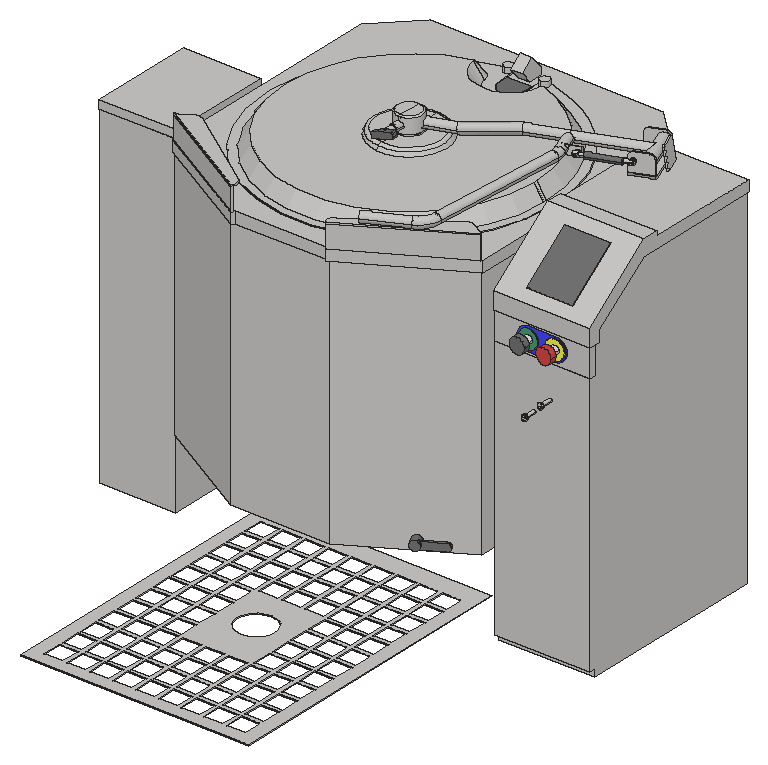
Revit family "QF_DIETATEC_C-CLASSIC_150_180516032930", category Specialty Equipment, Revit 2015 (continued)
Definition of nested family "QF_Dietatec_C-CLASSIC_150_FL"
  Lines and regions (mm)
    symbolic lines
      curve 247: line (328.963, -969.201, 0) -> (278.963, -969.201, 0)
      curve 248: line (328.963, -1019.201, 0) -> (328.963, -969.201, 0)
      curve 249: line (518.963, -1019.201, 0) -> (568.963, -1019.201, 0)
      curve 250: line (518.963, -969.201, 0) -> (518.963, -1019.201, 0)
      curve 251: line (568.963, -969.201, 0) -> (518.963, -969.201, 0)
      curve 252: line (568.963, -1019.201, 0) -> (568.963, -969.201, 0)
      curve 253: line (578.963, -1019.201, 0) -> (628.963, -1019.201, 0)
      curve 254: line (578.963, -969.201, 0) -> (578.963, -1019.201, 0)
      curve 255: line (628.963, -969.201, 0) -> (578.963, -969.201, 0)
      curve 256: line (628.963, -1019.201, 0) -> (628.963, -969.201, 0)
      curve 257: line (638.963, -1019.201, 0) -> (688.963, -1019.201, 0)
      curve 258: line (638.963, -969.201, 0) -> (638.963, -1019.201, 0)
      curve 259: line (688.963, -969.201, 0) -> (638.963, -969.201, 0)
      curve 260: line (688.963, -1019.201, 0) -> (688.963, -969.201, 0)
      curve 261: line (158.963, -959.201, 0) -> (208.963, -959.201, 0)
      curve 262: line (158.963, -909.201, 0) -> (158.963, -959.201, 0)
      curve 263: line (208.963, -909.201, 0) -> (158.963, -909.201, 0)
      curve 264: line (208.963, -959.201, 0) -> (208.963, -909.201, 0)
      curve 265: line (218.963, -959.201, 0) -> (268.963, -959.201, 0)
      curve 266: line (218.963, -909.201, 0) -> (218.963, -959.201, 0)
      curve 267: line (268.963, -909.201, 0) -> (218.963, -909.201, 0)
      curve 268: line (268.963, -959.201, 0) -> (268.963, -909.201, 0)
      curve 269: line (278.963, -959.201, 0) -> (328.963, -959.201, 0)
      curve 270: line (278.963, -909.201, 0) -> (278.963, -959.201, 0)
      curve 271: line (328.963, -909.201, 0) -> (278.963, -909.201, 0)
      curve 272: line (328.963, -959.201, 0) -> (328.963, -909.201, 0)
      curve 273: line (518.963, -959.201, 0) -> (568.963, -959.201, 0)
      curve 274: line (518.963, -909.201, 0) -> (518.963, -959.201, 0)
      curve 275: line (568.963, -909.201, 0) -> (518.963, -909.201, 0)
      curve 276: line (568.963, -959.201, 0) -> (568.963, -909.201, 0)
      curve 277: line (578.963, -959.201, 0) -> (628.963, -959.201, 0)
      curve 278: line (578.963, -909.201, 0) -> (578.963, -959.201, 0)
      curve 279: line (628.963, -909.201, 0) -> (578.963, -909.201, 0)
      curve 280: line (628.963, -959.201, 0) -> (628.963, -909.201, 0)
      curve 281: line (638.963, -959.201, 0) -> (688.963, -959.201, 0)
      curve 282: line (638.963, -909.201, 0) -> (638.963, -959.201, 0)
      curve 283: line (688.963, -909.201, 0) -> (638.963, -909.201, 0)
      curve 284: line (688.963, -959.201, 0) -> (688.963, -909.201, 0)
      curve 285: line (158.963, -899.201, 0) -> (208.963, -899.201, 0)
      curve 286: line (158.963, -849.201, 0) -> (158.963, -899.201, 0)
      curve 287: line (208.963, -849.201, 0) -> (158.963, -849.201, 0)
      curve 288: line (208.963, -899.201, 0) -> (208.963, -849.201, 0)
      curve 289: line (218.963, -899.201, 0) -> (268.963, -899.201, 0)
      curve 290: line (218.963, -849.201, 0) -> (218.963, -899.201, 0)
      curve 291: line (242.625, -849.201, 0) -> (218.963, -849.201, 0)
      curve 292: line (268.963, -899.201, 0) -> (268.963, -864.407, 0)
      curve 293: line (278.963, -899.201, 0) -> (328.963, -899.201, 0)
      curve 294: line (278.963, -870.18, 0) -> (278.963, -899.201, 0)
      curve 295: line (328.963, -899.201, 0) -> (328.963, -874.954, 0)
      curve 296: line (518.963, -899.201, 0) -> (568.963, -899.201, 0)
      curve 297: line (518.963, -874.954, 0) -> (518.963, -899.201, 0)
      curve 298: line (568.963, -899.201, 0) -> (568.963, -870.18, 0)
      curve 299: line (578.963, -899.201, 0) -> (628.963, -899.201, 0)
      curve 300: line (578.963, -864.407, 0) -> (578.963, -899.201, 0)
      curve 301: line (628.963, -899.201, 0) -> (628.963, -867.899, 0)
      curve 302: line (638.963, -899.201, 0) -> (688.963, -899.201, 0)
      curve 303: line (638.963, -863.022, 0) -> (638.963, -899.201, 0)
      curve 304: line (688.963, -849.201, 0) -> (667.3, -849.201, 0)
      curve 305: line (688.963, -899.201, 0) -> (688.963, -849.201, 0)
      curve 306: arc (735.97, -766.993, 0) -> (729.638, -785.381, 0) -> (714.961, -798.14, 0) r 37.57
      curve 307: arc (726.303, -820.423, 0) -> (750.495, -799.394, 0) -> (760.931, -769.086, 0) r 61.924
      curve 308: arc (785.792, -413.556, 0) -> (785.254, -399.87, 0) -> (781.767, -386.625, 0) r 62.903
      curve 309: arc (758.563, -395.937, 0) -> (760.542, -403.456, 0) -> (760.848, -411.226, 0) r 35.711
      curve 310: line (806.484, -360.326, 0) -> (776.143, -371.973, 0)
      curve 311: line (777.218, -374.774, 0) -> (807.559, -363.127, 0)
      curve 312: line (807.559, -363.127, 0) -> (806.484, -360.326, 0)
      curve 313: line (792.347, -354.774, 0) -> (796.081, -353.34, 0)
      curve 314: line (804.654, -367.303, 0) -> (795.318, -370.886, 0)
      curve 315: line (803.116, -384.643, 0) -> (808.064, -382.743, 0)
      curve 316: line (817.683, -362.877, 0) -> (823.059, -376.88, 0)
      curve 317: line (894.237, -333.491, 0) -> (899.612, -347.494, 0)
      curve 318: line (792.347, -354.774, 0) -> (791.771, -356.066, 0)
      curve 319: line (791.771, -356.066, 0) -> (795.086, -364.701, 0)
      curve 320: line (795.318, -370.886, 0) -> (794.294, -368.219, 0)
      curve 321: line (796.081, -353.34, 0) -> (797.373, -353.916, 0)
      curve 322: line (797.373, -353.916, 0) -> (800.688, -362.551, 0)
      curve 323: line (804.654, -367.303, 0) -> (803.63, -364.635, 0)
      curve 324: line (803.116, -384.643, 0) -> (802.005, -381.749, 0)
      curve 325: line (798.739, -373.362, 0) -> (797.182, -370.171, 0)
      curve 326: line (808.064, -382.743, 0) -> (806.953, -379.849, 0)
      curve 327: line (803.769, -371.431, 0) -> (802.79, -368.018, 0)
      curve 328: line (795.079, -374.767, 0) -> (818.758, -365.677, 0)
      curve 329: line (798.304, -383.169, 0) -> (821.984, -374.08, 0)
      curve 330: arc (795.079, -374.767, 0) -> (795.405, -379.462, 0) -> (798.304, -383.169, 0) r 8.039
      curve 331: line (817.683, -362.877, 0) -> (894.237, -333.491, 0)
      curve 332: line (823.059, -376.88, 0) -> (899.612, -347.494, 0)
      curve 333: line (918.988, -327.203, 0) -> (895.312, -336.291, 0)
      curve 334: line (922.213, -335.605, 0) -> (898.537, -344.693, 0)
      curve 335: arc (918.988, -327.203, 0) -> (921.884, -330.911, 0) -> (922.213, -335.605, 0) r 8.055
      curve 336: line (914.679, -341.818, 0) -> (919.627, -339.919, 0)
      curve 337: line (919.627, -339.919, 0) -> (918.516, -337.024, 0)
      curve 338: line (915.331, -328.606, 0) -> (914.353, -325.193, 0)
      curve 339: line (914.679, -341.818, 0) -> (913.568, -338.924, 0)
      curve 340: line (910.302, -330.537, 0) -> (908.745, -327.346, 0)
      curve 341: line (906.881, -328.061, 0) -> (916.217, -324.478, 0)
      curve 342: line (916.217, -324.478, 0) -> (915.103, -321.577, 0)
      curve 343: line (906.881, -328.061, 0) -> (905.768, -325.161, 0)
      curve 344: line (903.334, -313.241, 0) -> (903.909, -311.949, 0)
      curve 345: line (903.909, -311.949, 0) -> (907.644, -310.515, 0)
      curve 346: line (907.644, -310.515, 0) -> (908.936, -311.091, 0)
      curve 347: line (908.936, -311.091, 0) -> (911.803, -318.559, 0)
      curve 348: line (903.334, -313.241, 0) -> (906.201, -320.709, 0)
      curve 349: line (883.912, -287.759, 0) -> (899.232, -327.669, 0)
      curve 350: line (118, -0.009, 0) -> (17.528, -100.481, 0)
      curve 351: line (17.528, -100.481, 0) -> (17.528, -719.241, 0)
      curve 352: line (19.933, -720.63, 0) -> (123.963, -780.691, 0)
      curve 353: line (548.244, -882.143, 0) -> (734.668, -774.51, 0)
      curve 354: line (830.397, -719.241, 0) -> (830.397, -100.481, 0)
      curve 355: line (830.397, -100.481, 0) -> (729.925, -0.009, 0)
      curve 356: line (118, -0.009, 0) -> (729.925, -0.009, 0)
      curve 357: line (1.502, -511.058, 0) -> (0, -511.058, 0)
      curve 358: line (1.502, -511.058, 0) -> (1.502, -516.614, 0)
      curve 359: line (1.502, -516.614, 0) -> (15.667, -516.614, 0)
      curve 360: line (15.667, -516.614, 0) -> (15.667, -515.478, 0)
      curve 361: line (15.667, -515.478, 0) -> (17.528, -515.478, 0)
      curve 362: line (1.502, -611.167, 0) -> (0, -611.167, 0)
      curve 363: line (1.502, -611.167, 0) -> (1.502, -605.611, 0)
      curve 364: line (1.502, -605.611, 0) -> (15.667, -605.611, 0)
      curve 365: line (15.667, -605.611, 0) -> (15.667, -606.747, 0)
      curve 366: line (15.667, -606.747, 0) -> (17.528, -606.747, 0)
      curve 367: line (846.423, -511.058, 0) -> (847.351, -511.058, 0)
      curve 368: line (846.423, -511.058, 0) -> (846.423, -516.614, 0)
      curve 369: line (846.423, -516.614, 0) -> (831.423, -516.614, 0)
      curve 370: line (832.258, -516.614, 0) -> (832.258, -515.478, 0)
      curve 371: line (832.258, -515.478, 0) -> (830.397, -515.478, 0)
      curve 372: line (846.423, -611.167, 0) -> (847.351, -611.167, 0)
      curve 373: line (846.423, -611.167, 0) -> (846.423, -605.611, 0)
      curve 374: line (846.423, -605.611, 0) -> (832.258, -605.611, 0)
      curve 375: line (832.258, -605.611, 0) -> (832.258, -606.747, 0)
      curve 376: line (832.258, -606.747, 0) -> (830.397, -606.747, 0)
      curve 377: line (787.247, -764.939, 0) -> (789.747, -769.269, 0)
      curve 378: line (789.747, -769.269, 0) -> (756.326, -788.564, 0)
      curve 379: line (787.247, -764.939, 0) -> (758.819, -781.351, 0)
      curve 380: arc (417.166, -548.182, 0) -> (326.772, -444.196, 0) -> (430.759, -353.802, 0) r 97.428
      curve 381: arc (430.759, -353.802, 0) -> (476.735, -369.094, 0) -> (509.659, -404.642, 0) r 97.428
      curve 382: line (21.683, -717.599, 0) -> (19.933, -720.63, 0)
      curve 383: line (28.256, -715.851, 0) -> (21.683, -717.599, 0)
      curve 384: line (56.229, -699.701, 0) -> (28.256, -715.851, 0)
      curve 385: arc (77.724, -700.639, 0) -> (67.113, -697.037, 0) -> (56.229, -699.701, 0) r 20.022
      curve 386: line (295.378, -853.042, 0) -> (77.724, -700.639, 0)
      curve 387: arc (301.234, -879.454, 0) -> (303.441, -865.11, 0) -> (295.378, -853.042, 0) r 20.022
      curve 388: line (299.681, -882.143, 0) -> (301.234, -879.454, 0)
      curve 389: line (123.963, -780.691, 0) -> (299.681, -882.143, 0)
      curve 390: line (303.831, -874.954, 0) -> (544.094, -874.954, 0)
      curve 391: arc (552.547, -853.042, 0) -> (544.484, -865.11, 0) -> (546.691, -879.454, 0) r 20.022
      curve 392: line (546.691, -879.454, 0) -> (548.244, -882.143, 0)
      curve 393: line (770.201, -700.639, 0) -> (765.486, -703.94, 0)
      curve 394: arc (791.696, -699.701, 0) -> (780.812, -697.037, 0) -> (770.201, -700.639, 0) r 20.022
      curve 395: line (819.669, -715.851, 0) -> (791.696, -699.701, 0)
      curve 396: line (826.242, -717.599, 0) -> (819.669, -715.851, 0)
      curve 397: line (827.992, -720.63, 0) -> (826.242, -717.599, 0)
      curve 398: line (707.033, -802.007, 0) -> (702.036, -793.351, 0)
      curve 399: line (727.082, -788.746, 0) -> (722.815, -781.354, 0)
      curve 400: arc (373.388, -53.748, 0) -> (333.109, -65.59, 0) -> (293.965, -80.765, 0) r 500.546
      curve 401: arc (293.965, -80.765, 0) -> (251.378, -100.836, 0) -> (211.77, -126.287, 0) r 360.393
      curve 402: arc (211.77, -126.287, 0) -> (91.855, -260.942, 0) -> (48.553, -435.976, 0) r 375.41
      curve 403: line (48.553, -435.976, 0) -> (48.553, -450.992, 0)
      curve 404: arc (48.553, -450.992, 0) -> (322.372, -812.395, 0) -> (744.389, -646.591, 0) r 375.41
      curve 405: line (799.372, -450.992, 0) -> (799.372, -435.976, 0)
      curve 406: arc (799.372, -435.976, 0) -> (795.269, -380.621, 0) -> (783.048, -326.477, 0) r 375.41
      curve 407: arc (553.96, -80.765, 0) -> (514.816, -65.59, 0) -> (474.537, -53.748, 0) r 500.546
      curve 408: arc (636.155, -126.287, 0) -> (596.547, -100.836, 0) -> (553.96, -80.765, 0) r 360.393
      curve 409: arc (471.472, -78.41, 0) -> (458.953, -65.891, 0) -> (471.472, -53.372, 0) r 12.519
      curve 410: arc (471.472, -53.372, 0) -> (483.991, -65.891, 0) -> (471.472, -78.41, 0) r 12.519
      curve 411: line (459.001, -63.727, 0) -> (459.001, -79.406, 0)
      curve 412: arc (454.98, -123.634, 0) -> (457.993, -101.611, 0) -> (459.001, -79.406, 0) r 245.268
      curve 413: arc (392.945, -123.634, 0) -> (423.963, -149.482, 0) -> (454.98, -123.634, 0) r 31.534
      curve 414: arc (389.143, -89.77, 0) -> (390.455, -106.768, 0) -> (392.945, -123.634, 0) r 245.268
      curve 415: arc (392.945, -123.634, 0) -> (389.932, -101.611, 0) -> (388.924, -79.406, 0) r 245.268
      curve 416: line (388.924, -79.406, 0) -> (388.924, -63.727, 0)
      curve 417: arc (376.453, -78.41, 0) -> (388.972, -65.891, 0) -> (376.453, -53.372, 0) r 12.519
      curve 418: arc (376.453, -53.372, 0) -> (363.934, -65.891, 0) -> (376.453, -78.41, 0) r 12.519
      curve 419: arc (458.782, -89.77, 0) -> (448.89, -88.953, 0) -> (438.979, -88.407, 0) r 362.896
      curve 420: line (408.946, -37.248, 0) -> (408.946, -98.033, 0)
      curve 421: line (408.946, -98.033, 0) -> (438.979, -98.033, 0)
      curve 422: line (438.979, -98.033, 0) -> (438.979, -37.248, 0)
      curve 423: line (408.946, -73.721, 0) -> (438.979, -73.721, 0)
      curve 424: line (438.979, -37.248, 0) -> (408.946, -37.248, 0)
      curve 425: arc (330.575, -127.323, 0) -> (161.603, -245.354, 0) -> (96.697, -440.981, 0) r 327.265
      curve 426: arc (336.201, -130.917, 0) -> (334.209, -127.834, 0) -> (330.575, -127.323, 0) r 4.413
      curve 427: arc (511.724, -130.917, 0) -> (423.963, -206.817, 0) -> (336.201, -130.917, 0) r 88.689
      curve 428: arc (517.35, -127.323, 0) -> (513.716, -127.834, 0) -> (511.724, -130.917, 0) r 4.413
      curve 429: arc (751.228, -440.981, 0) -> (747.555, -392.091, 0) -> (736.62, -344.299, 0) r 327.265
      curve 430: line (96.697, -440.981, 0) -> (96.697, -450.992, 0)
      curve 431: arc (96.697, -450.992, 0) -> (423.963, -778.257, 0) -> (751.228, -450.992, 0) r 327.265
      curve 432: line (751.228, -450.992, 0) -> (751.228, -440.981, 0)
      curve 433: line (158.963, -839.201, 0) -> (158.963, -800.898, 0)
      curve 434: line (158.963, -839.201, 0) -> (208.963, -839.201, 0)
      curve 435: line (208.963, -839.201, 0) -> (208.963, -829.766, 0)
      curve 436: line (761.64, -758.938, 0) -> (827.992, -720.63, 0)
      curve 437: line (723.963, -821.565, 0) -> (726.303, -820.423, 0)
      curve 438: line (761.64, -758.938, 0) -> (785.792, -413.556, 0)
      curve 439: arc (518.633, -427.976, 0) -> (498.413, -513.836, 0) -> (417.166, -548.182, 0) r 97.428
      curve 440: arc (728.324, -320.705, 0) -> (645.097, -199.73, 0) -> (517.35, -127.323, 0) r 327.265
      curve 441: arc (774.958, -302.804, 0) -> (719.063, -203.924, 0) -> (636.155, -126.287, 0) r 375.41
      curve 442: arc (773.618, -587.641, 0) -> (792.877, -520.52, 0) -> (799.372, -450.992, 0) r 375.41
      curve 443: line (739.086, -722.426, 0) -> (552.547, -853.042, 0)
      curve 444: arc (408.946, -88.407, 0) -> (399.035, -88.953, 0) -> (389.143, -89.77, 0) r 362.896
  Dimensions and locks
    plane 3 "Left" to plane 4 "Right" = 1101.351 mm
    plane 5 "Front" to plane 1 "Back" = 882.143 mm
    Extrusion 32 to Extrusion 32 = 1304.573 mm
    aligned and locked: level to plane 2
  Connectors
    electrical at (954.351, -182.201, 120), driven by "Apparent Power", driven by "Volts", driven by "Number of Poles"
      settings: on Extrusion 35, index 4, voltage 230 V, apparent load 0 VA, apparent load phase1 500 VA, apparent load phase2 0 VA, apparent load phase3 0 VA, power factor 1, load classification none, number of poles 1, system type 31, power factor state 1, is connector primary yes, connector utility no, sub classification motor no, connector description "electrical connection"
    piping at (1024.351, -182.201, 120), diameter 12.7, driven by "Cold Water Size", driven by "Cold Water Flow"
      settings: on Extrusion 34, index 5, connector inside diameter 609.6 mm, connector length 0 mm, flow factor 0, pipe flow 0.0 L/s, pressure drop 0.0 Pa, fitting loss kfactor 0, connector angle 0.00°, fixture units 0, engagement length 0 mm, angle of deflection 0.00°, flow configuration 1, flow direction 1, fitting loss method 0, system type 20, joint type 0, gender type 0, connector reference index -1, connector utility 0, adjustable connector no, is connector primary yes, connector description "water inlet"
Definition of nested family "QF_Dietatec_KETTLE_LEFT_LEG"
  Parameters (values of type "KETTLE_LEFT_LEG")
    Width [instance] = 0 mm
    Weight in Pounds = 0
    URL Cutsheet = "www.dietatec.com"
    URL = "www.dietatec.com"
    Status [instance] = ""
    Specification by User [instance] = ""
    Specification by Manufacturer = ""
    Show Logo [instance] = yes
    Show Clearance [instance] = yes
    Serial Number = ""
    Seismic Rating = ""
    SMACNA No = ""
    Revision Code [instance] = ""
    NAFEM Spec ID Number = ""
    Model = "KETTLE_LEFT_LEG"
    Masterspec = ""
    Manufacturer = "DIETATEC"
    ListPrice [instance] = 0
    Item Number [instance] = ""
    Installed By [instance] = ""
    Identify Quantity as Lot [instance] = no
    Height [instance] = 0 mm
    Furnished By [instance] = ""
    Foodservice Equipment Identifier [instance] = yes
    Description = "LEFT LEG OF C-CLASSIC AND CELER MODELS"
    Depth [instance] = 0 mm
    CSI MasterFormat = ""
    Assembly Code = "E1090320"
  Reference planes
    plane 1 "Back": y = 0
    plane 2: z = 0
    plane 3 "Left": x = 0
    plane 4 "Right": x = 1153.5
    plane 5 "Front": y = -770
    plane 6 "Top": z = 1000
  Forms (mm)
    Extrusion 1, solid
      sketch origin (-203, 0, 0) x (1, 0, 0) y (0, 1, 0)
        loop
          line (201.5, -326) -> (1.5, -326) -> (1.5, -601) -> (201.5, -601) -> (201.5, -326)
      from 0 to 880
    Extrusion 2, solid
      sketch origin (-1081.5, -472.5, -153) x (1, 0, 0) y (0, 0, 1)
        loop
          circle (930, 278) r 15
      from -150 to -146.5
    Extrusion 3, solid
      sketch origin (-981.5, -472.5, -153) x (1, 0, 0) y (0, 0, 1)
        loop
          circle (930, 278) r 15
      from -150 to -146.5
    Extrusion 4, solid
      sketch origin (-203, 0, 880) x (1, 0, 0) y (0, 1, 0)
        loop
          line (203, -324.5) -> (0, -324.5) -> (0, -602.5) -> (203, -602.5) -> (203, -324.5)
      from 0 to 21
  Lines and regions (mm)
    symbolic lines
      curve 1: line (0, -324.5, 0) -> (-203, -324.5, 0)
      curve 2: line (0, -602.5, 0) -> (0, -324.5, 0)
      curve 3: line (-203, -602.5, 0) -> (0, -602.5, 0)
      curve 4: line (-203, -324.5, 0) -> (-203, -602.5, 0)
  Dimensions and locks
    plane 3 "Left" to plane 4 "Right" = 1153.5 mm
    plane 5 "Front" to plane 1 "Back" = 770 mm
    aligned and locked: level to plane 2
